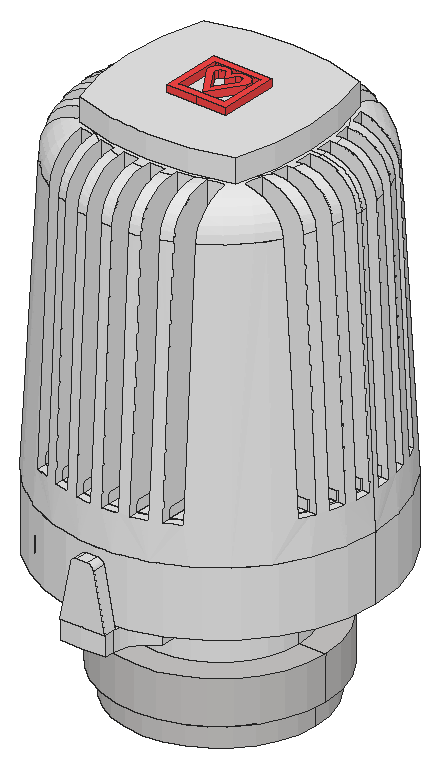
Revit family "HERZ-Classic-Thermostatic Sensor M28x1.5 7230", category Rohrzubehör, Revit 2021
Family settings
  Bemaßung runder Anschluss = Durchmesser verwenden
  Teiletyp = Normal
  OmniClass-Nummer = 23.65.55.14
  OmniClass-Titel = Valves for Liquid Services
  Arbeitsebenenbasiert = Nein
  Immer vertikal = Nein
  Beim Laden mit Abzugskörper schneiden = Nein
  Gemeinsam genutzt = Nein
Parameters
  Vorgabe-Ansicht = 0.000 mm
  Part number = 1723006  # constant formula
  Operation = "The HERZ-thermostat serves as probe and control element.\r\nThe valve spindle is moved when the volume of the liquid fillng of the HERZ-hydrosensor changes."
  Model = "Radiator Thermostat With Hydrosensor (liquid filled)\r\nWith \"0\" position, adjustable frost protection, limitation and locking of set value range.\r\nWhite hand wheel."
  Frost protection = "6°C"  # constant formula
  W02 = 120.00°  # constant formula
  W01 = 135.00°  # constant formula
  URL = "www.herzvalves.com"
  Set value range = "0 - 28°C"  # constant formula
  S02 = 60.000 mm  # constant formula
  S01 = H02 + H07  # 76.000 mm
  R07 = 6.000 mm  # constant formula
  R06 = 24.000 mm  # constant formula
  R05 = 16.350 mm  # constant formula
  R04 = 14.750 mm  # constant formula
  R03 = 13.200 mm  # constant formula
  R02 = 12.200 mm  # constant formula
  R01 = 22.400 mm  # constant formula
  Hersteller = "HERZ Armaturen Ges.m.b.H."  # constant formula
  Hand wheel = "plastic, white"  # constant formula
  H09 = 3.500 mm  # constant formula
  H08 = 10.000 mm  # constant formula
  H07 = 59.000 mm  # constant formula
  H06 = 3.000 mm  # constant formula
  H05 = 10.500 mm  # constant formula
  H03 = 5.500 mm  # constant formula
  H02 = 17.000 mm  # constant formula
  H01 = 34.000 mm  # constant formula
  Application = "Can be combined with any HERZ-valve suitable for thermostatic operation."
Reference planes
  plane 1 "Mitte (Vorne/hinten)": y = 0
  plane 2: z = 0
  plane 3 "Mitte (Links/rechts)": x = 0
Forms (mm)
  Revolve 1, solid, material "Kunststoff weiß", detail levels fine
    sketch origin (0, 0, 0) x (1, 0, 0) y (0, 0, 1)
      loop
        line (0, 0) -> (13.2, 0) -> (13.2, 4.5) -> (12.2, 5.5) -> (12.2, 17) -> (22.4, 17) -> (22.4, 34) -> (0, 34) -> (0, 0)
      axis (0, 34) -> (0, 0)
    angle from 0 to 360
  Revolve 2, solid, material "Messing verzinkt", detail levels fine
    sketch origin (0, 0, 0) x (1, 0, 0) y (0, 0, 1)
      loop
        line (0, 5.5) -> (13.2, 5.5) -> (13.2, -3.063) -> (14.75, -3.063) -> (14.75, -0.063) -> (16.35, 0.861) -> (16.35, 7.437) -> (0, 7.437) -> (0, 5.5)
      axis (0, 7.437) -> (0, -3.063)
    angle from 0 to 360
  Revolve 3, solid, material "Kunststoff weiß", detail levels fine
    sketch origin (0, 0, 0) x (1, 0, 0) y (0, 0, 1)
      loop
        line (0, 17) -> (24, 17) -> (24, 27) -> (21.791, 70.306)
        arc (21.791, 70.306) -> (19.931, 74.349) -> (15.798, 76) r 6
        line (15.798, 76) -> (0, 76) -> (0, 17)
      axis (0, 76) -> (0, 17)
    angle from 0 to 360
  Extrusion 4, void
    sketch origin (0, 0, 0) x (1, 0, 0) y (0, 1, 0)
      loop
        line (24.458, 0.8) -> (24.458, 3.2) -> (14.361, 3.2)
        arc (14.361, 3.2) -> (14.446, 2.001) -> (14.491, 0.8) r 37
        line (14.491, 0.8) -> (24.458, 0.8)
      loop
        line (24.458, 4.8) -> (24.458, 7.2) -> (13.793, 7.2)
        arc (13.793, 7.2) -> (14.01, 6.003) -> (14.187, 4.8) r 37
        line (14.187, 4.8) -> (24.458, 4.8)
      loop
        line (24.458, 8.8) -> (24.458, 11.2) -> (12.764, 11.2)
        arc (12.764, 11.2) -> (13.121, 10.006) -> (13.438, 8.8) r 37
        line (13.438, 8.8) -> (24.458, 8.8)
      loop
        line (24.458, -0.8) -> (14.491, -0.8)
        arc (14.491, -0.8) -> (14.446, -2.001) -> (14.361, -3.2) r 37
        line (14.361, -3.2) -> (24.458, -3.2) -> (24.458, -0.8)
      loop
        line (24.458, -4.8) -> (14.187, -4.8)
        arc (14.187, -4.8) -> (14.01, -6.003) -> (13.793, -7.2) r 37
        line (13.793, -7.2) -> (24.458, -7.2) -> (24.458, -4.8)
      loop
        line (24.458, -8.8) -> (13.438, -8.8)
        arc (13.438, -8.8) -> (13.121, -10.006) -> (12.764, -11.2) r 37
        line (12.764, -11.2) -> (24.458, -11.2) -> (24.458, -8.8)
      loop
        line (-24.458, 0.8) -> (-14.491, 0.8)
        arc (-14.491, 0.8) -> (-14.446, 2.001) -> (-14.361, 3.2) r 37
        line (-14.361, 3.2) -> (-24.458, 3.2) -> (-24.458, 0.8)
      loop
        line (-24.458, 4.8) -> (-14.187, 4.8)
        arc (-14.187, 4.8) -> (-14.01, 6.003) -> (-13.793, 7.2) r 37
        line (-13.793, 7.2) -> (-24.458, 7.2) -> (-24.458, 4.8)
      loop
        line (-24.458, 8.8) -> (-13.438, 8.8)
        arc (-13.438, 8.8) -> (-13.121, 10.006) -> (-12.764, 11.2) r 37
        line (-12.764, 11.2) -> (-24.458, 11.2) -> (-24.458, 8.8)
      loop
        line (-24.458, -0.8) -> (-24.458, -3.2) -> (-14.361, -3.2)
        arc (-14.361, -3.2) -> (-14.446, -2.001) -> (-14.491, -0.8) r 37
        line (-14.491, -0.8) -> (-24.458, -0.8)
      loop
        line (-24.458, -4.8) -> (-24.458, -7.2) -> (-13.793, -7.2)
        arc (-13.793, -7.2) -> (-14.01, -6.003) -> (-14.187, -4.8) r 37
        line (-14.187, -4.8) -> (-24.458, -4.8)
      loop
        line (-24.458, -8.8) -> (-24.458, -11.2) -> (-12.764, -11.2)
        arc (-12.764, -11.2) -> (-13.121, -10.006) -> (-13.438, -8.8) r 37
        line (-13.438, -8.8) -> (-24.458, -8.8)
      loop
        line (0.8, 24.458) -> (0.8, 14.491)
        arc (0.8, 14.491) -> (2.001, 14.446) -> (3.2, 14.361) r 37
        line (3.2, 14.361) -> (3.2, 24.458) -> (0.8, 24.458)
      loop
        line (4.8, 24.458) -> (4.8, 14.187)
        arc (4.8, 14.187) -> (6.003, 14.01) -> (7.2, 13.793) r 37
        line (7.2, 13.793) -> (7.2, 24.458) -> (4.8, 24.458)
      loop
        line (8.8, 24.458) -> (8.8, 13.438)
        arc (8.8, 13.438) -> (10.006, 13.121) -> (11.2, 12.764) r 37
        line (11.2, 12.764) -> (11.2, 24.458) -> (8.8, 24.458)
      loop
        line (-0.8, 24.458) -> (-3.2, 24.458) -> (-3.2, 14.361)
        arc (-3.2, 14.361) -> (-2.001, 14.446) -> (-0.8, 14.491) r 37
        line (-0.8, 14.491) -> (-0.8, 24.458)
      loop
        line (-4.8, 24.458) -> (-7.2, 24.458) -> (-7.2, 13.793)
        arc (-7.2, 13.793) -> (-6.003, 14.01) -> (-4.8, 14.187) r 37
        line (-4.8, 14.187) -> (-4.8, 24.458)
      loop
        line (-8.8, 24.458) -> (-11.2, 24.458) -> (-11.2, 12.764)
        arc (-11.2, 12.764) -> (-10.006, 13.121) -> (-8.8, 13.438) r 37
        line (-8.8, 13.438) -> (-8.8, 24.458)
      loop
        line (0.8, -24.458) -> (3.2, -24.458) -> (3.2, -14.361)
        arc (3.2, -14.361) -> (2.001, -14.446) -> (0.8, -14.491) r 37
        line (0.8, -14.491) -> (0.8, -24.458)
      loop
        line (4.8, -24.458) -> (7.2, -24.458) -> (7.2, -13.793)
        arc (7.2, -13.793) -> (6.003, -14.01) -> (4.8, -14.187) r 37
        line (4.8, -14.187) -> (4.8, -24.458)
      loop
        line (8.8, -24.458) -> (11.2, -24.458) -> (11.2, -12.764)
        arc (11.2, -12.764) -> (10.006, -13.121) -> (8.8, -13.438) r 37
        line (8.8, -13.438) -> (8.8, -24.458)
      loop
        line (-0.8, -24.458) -> (-0.8, -14.491)
        arc (-0.8, -14.491) -> (-2.001, -14.446) -> (-3.2, -14.361) r 37
        line (-3.2, -14.361) -> (-3.2, -24.458) -> (-0.8, -24.458)
      loop
        line (-4.8, -24.458) -> (-4.8, -14.187)
        arc (-4.8, -14.187) -> (-6.003, -14.01) -> (-7.2, -13.793) r 37
        line (-7.2, -13.793) -> (-7.2, -24.458) -> (-4.8, -24.458)
      loop
        line (-8.8, -24.458) -> (-8.8, -13.438)
        arc (-8.8, -13.438) -> (-10.006, -13.121) -> (-11.2, -12.764) r 37
        line (-11.2, -12.764) -> (-11.2, -24.458) -> (-8.8, -24.458)
    from 32.5 to 78
  Extrusion 5, solid, material "Kunststoff weiß", detail levels fine
    sketch origin (0, 0, 0) x (1, 0, 0) y (0, 1, 0)
      loop
        arc (12, 12) -> (0, 14) -> (-12, 12) r 37
        arc (-12, 12) -> (-14, 0) -> (-12, -12) r 37
        arc (-12, -12) -> (0, -14) -> (12, -12) r 37
        arc (12, -12) -> (14, 0) -> (12, 12) r 37
    from 76 to 79.5
  Extrusion 6, solid, material "Kunststoff weiß", detail levels fine
    sketch origin (0.017, -0.017, 0) x (0, -1, 0) y (1, 0, 0)
      loop
        line (14.714, 6.983) -> (14.714, -7.017) -> (19.645, -7.017)
        arc (19.645, -7.017) -> (21.761, -4.508) -> (24.882, -3.488) r 6
        line (24.882, -3.488) -> (26.272, -3.488)
        arc (26.272, -3.488) -> (26.5, 0) -> (26.267, 3.488) r 26.5
        line (26.267, 3.488) -> (24.882, 3.488)
        arc (24.882, 3.488) -> (21.777, 4.497) -> (19.66, 6.983) r 6
        line (19.66, 6.983) -> (14.714, 6.983)
    from 14 to 17
  Extrusion 7, solid, material "Kunststoff weiß", detail levels fine
    sketch origin (0.017, -0.017, 0) x (1, 0, 0) y (0, 0, 1)
      loop
        arc (-0.8, 26.1) -> (-1.432, 25.875) -> (-1.779, 25.302) r 1
        line (-1.779, 25.302) -> (-3.488, 17) -> (3.488, 17) -> (1.779, 25.302)
        arc (1.779, 25.302) -> (1.432, 25.875) -> (0.8, 26.1) r 1
        line (0.8, 26.1) -> (-0.8, 26.1)
    from 26.5 to 24.5
Cuts and joins
  Extrusion 4 cuts Revolve 1
  Extrusion 4 cuts Revolve 3
Lines and regions (mm)
  model lines, detail levels coarse+medium
    curve 1: line (0, 0, 0) -> (0, 0, 16)
    curve 2: line (0, 0, 0) -> (0, 16, 0)
    curve 3: circle (0, 0, 46) r 30 normal (0, -1, 0)
    curve 4: circle (0, 0, 46) r 30 normal (1, 0, 0)
    curve 5: line (0, 0, 26) -> (0, 0, 66)
    curve 6: line (0, 17.5, 66) -> (0, -17.5, 66)
    curve 7: line (0, 0, 26) -> (0, 0, 66)
    curve 8: line (-17.5, 0, 66) -> (17.5, 0, 66)
    curve 9: circle (0, 46, 0) r 30 normal (0, 0, 1)
    curve 10: line (0, 26, 0) -> (0, 66, 0)
    curve 11: line (-17.5, 66, 0) -> (17.5, 66, 0)
Dimensions and locks
  "H01": Revolve 1 sketch curve to Revolve 1 sketch curve
  "H02": Revolve 1 sketch curve to Revolve 1 sketch curve
  "H03": Revolve 1 sketch curve to Revolve 1 sketch curve
  "R01": Revolve 1 sketch curve to Revolve 1 sketch curve
  "R02": Revolve 1 sketch curve to Revolve 1 sketch curve
  "R03": Revolve 1 sketch curve to Revolve 1 sketch curve
  "H05": Revolve 2 sketch curve to Revolve 2 sketch curve
  "H06": Revolve 2 sketch curve to Revolve 2 sketch curve
  "H03": Revolve 2 sketch curve to plane 2
  "R04": Revolve 2 sketch curve to plane 3 "Mitte (Links/rechts)"
  "R03": plane 3 "Mitte (Links/rechts)" to Revolve 2 sketch curve
  "R05": Revolve 2 sketch curve to plane 3 "Mitte (Links/rechts)"
  "H08": Revolve 3 sketch curve to Revolve 3 sketch curve
  "R06": Revolve 3 sketch curve to Revolve 3 sketch curve
  "H02": Revolve 3 sketch curve to plane 2
  "H07": Revolve 3 sketch curve to Revolve 3 sketch curve
  "S01": curve 4 to plane 2
  "S01": curve 3 to plane 2
  "S01": plane 1 "Mitte (Vorne/hinten)" to curve 9
  "R07": radius of Revolve 3 sketch curve
  "S02": diameter of curve 3
  "S02": diameter of curve 4
  "S02": diameter of curve 9
  "W01": angle Revolve 1 sketch curve to Revolve 1 sketch curve
  "W02": angle Revolve 2 sketch curve to Revolve 2 sketch curve
  aligned and locked: level to plane 2
Automatic sketch dimensions
  plane 1 "Mitte (Vorne/hinten)" to Extrusion 5 sketch curve = 0.000 mm  (x2)
  Extrusion 5 sketch curve to plane 3 "Mitte (Links/rechts)" = 0.000 mm  (x2)
  Extrusion 5 sketch curve to plane 3 "Mitte (Links/rechts)" = 23.000 mm
  plane 3 "Mitte (Links/rechts)" to Extrusion 5 sketch curve = 23.000 mm
  plane 1 "Mitte (Vorne/hinten)" to Extrusion 5 sketch curve = 23.000 mm
  Extrusion 5 sketch curve to plane 1 "Mitte (Vorne/hinten)" = 23.000 mm
  Extrusion 5 sketch curve to plane 3 "Mitte (Links/rechts)" = 12.000 mm  (x2)
  plane 3 "Mitte (Links/rechts)" to Extrusion 5 sketch curve = 12.000 mm
  plane 1 "Mitte (Vorne/hinten)" to Extrusion 5 sketch curve = 12.000 mm
  Extrusion 4 sketch curve to Extrusion 4 sketch curve = 0.000 mm  (x58)
  plane 1 "Mitte (Vorne/hinten)" to Extrusion 4 sketch curve = 0.000 mm  (x2)
  Extrusion 4 sketch curve to plane 3 "Mitte (Links/rechts)" = 0.000 mm  (x2)
  Extrusion 4 sketch curve to plane 3 "Mitte (Links/rechts)" = 0.800 mm  (x2)
  Extrusion 4 sketch curve to Extrusion 4 sketch curve = 2.400 mm  (x12)
  Extrusion 4 sketch curve to Extrusion 4 sketch curve = 1.600 mm  (x16)
  Extrusion 4 sketch curve to Extrusion 4 sketch curve = 1.564 mm  (x8)
  Extrusion 4 sketch curve to Extrusion 4 sketch curve = 0.674 mm  (x5)
  Extrusion 4 sketch curve to Extrusion 4 sketch curve = 0.354 mm  (x8)
  Extrusion 4 sketch curve to Extrusion 4 sketch curve = 0.395 mm  (x4)
  Extrusion 4 sketch curve to Extrusion 4 sketch curve = 0.174 mm  (x8)
  plane 1 "Mitte (Vorne/hinten)" to Extrusion 4 sketch curve = 0.800 mm  (x2)
  Extrusion 4 sketch curve to Extrusion 4 sketch curve = 0.130 mm  (x2)
  Extrusion 4 sketch curve to plane 1 "Mitte (Vorne/hinten)" = 0.800 mm  (x2)
  Extrusion 4 sketch curve to Extrusion 4 sketch curve = 8.009 mm  (x3)
  Extrusion 4 sketch curve to Extrusion 4 sketch curve = 1.958 mm  (x7)
  plane 3 "Mitte (Links/rechts)" to Extrusion 4 sketch curve = 0.800 mm  (x2)
  Extrusion 4 sketch curve to Extrusion 4 sketch curve = 11.019 mm
  Extrusion 6 sketch curve to plane 3 "Mitte (Links/rechts)" = 0.000 mm
  plane 1 "Mitte (Vorne/hinten)" to Extrusion 6 sketch curve = 0.017 mm
  Extrusion 6 sketch curve to plane 3 "Mitte (Links/rechts)" = 7.000 mm
  plane 1 "Mitte (Vorne/hinten)" to Extrusion 6 sketch curve = 14.731 mm
  Extrusion 6 sketch curve to Extrusion 6 sketch curve = 4.930 mm
  Extrusion 6 sketch curve to Extrusion 6 sketch curve = 4.946 mm
  Extrusion 6 sketch curve to plane 3 "Mitte (Links/rechts)" = 3.471 mm
  Extrusion 6 sketch curve to Extrusion 6 sketch curve = 5.237 mm
  Extrusion 6 sketch curve to Extrusion 6 sketch curve = 5.222 mm
  Extrusion 6 sketch curve to Extrusion 6 sketch curve = 5.470 mm
  Extrusion 6 sketch curve to Extrusion 6 sketch curve = 0.233 mm
  Extrusion 6 sketch curve to Extrusion 6 sketch curve = 1.390 mm
  plane 3 "Mitte (Links/rechts)" to Extrusion 6 sketch curve = 3.505 mm
  Extrusion 6 sketch curve to Extrusion 6 sketch curve = 3.495 mm
  Extrusion 6 sketch curve to Extrusion 6 sketch curve = 0.000 mm
  Extrusion 7 sketch curve to plane 3 "Mitte (Links/rechts)" = 3.471 mm
  Extrusion 7 sketch curve to plane 3 "Mitte (Links/rechts)" = 1.763 mm
  Extrusion 7 sketch curve to plane 3 "Mitte (Links/rechts)" = 0.783 mm
  plane 3 "Mitte (Links/rechts)" to Extrusion 7 sketch curve = 0.817 mm
  Extrusion 7 sketch curve to Extrusion 7 sketch curve = 0.979 mm
  plane 3 "Mitte (Links/rechts)" to Extrusion 7 sketch curve = 3.505 mm
  level to Extrusion 7 sketch curve = 17.000 mm
  Extrusion 7 sketch curve to Extrusion 7 sketch curve = 8.100 mm
  Extrusion 7 sketch curve to Extrusion 7 sketch curve = 0.000 mm
  Extrusion 7 sketch curve to Extrusion 7 sketch curve = 0.202 mm
  curve 5 to plane 1 "Mitte (Vorne/hinten)" = 0.000 mm
  curve 4 to plane 1 "Mitte (Vorne/hinten)" = 0.000 mm
  plane 1 "Mitte (Vorne/hinten)" to curve 6 = 17.500 mm
  curve 5 to curve 6 = 17.500 mm
  curve 5 to curve 4 = 20.000 mm
  curve 4 to curve 6 = 20.000 mm
  curve 3 to plane 3 "Mitte (Links/rechts)" = 0.000 mm
  curve 7 to plane 3 "Mitte (Links/rechts)" = 0.000 mm
  curve 1 to plane 3 "Mitte (Links/rechts)" = 0.000 mm
  curve 1 to level = 0.000 mm
  curve 8 to plane 3 "Mitte (Links/rechts)" = 17.500 mm
  curve 7 to curve 8 = 17.500 mm
  curve 1 to curve 7 = 10.000 mm
  curve 3 to curve 8 = 20.000 mm
  curve 9 to plane 3 "Mitte (Links/rechts)" = 0.000 mm
  curve 10 to plane 3 "Mitte (Links/rechts)" = 0.000 mm
  curve 2 to plane 3 "Mitte (Links/rechts)" = 0.000 mm
  plane 1 "Mitte (Vorne/hinten)" to curve 2 = 0.000 mm
  curve 11 to curve 10 = 17.500 mm
  plane 3 "Mitte (Links/rechts)" to curve 11 = 17.500 mm
  curve 2 to curve 10 = 10.000 mm
  curve 9 to curve 11 = 20.000 mm
  Revolve 1 sketch curve to level = 0.000 mm
  Revolve 1 sketch curve to plane 3 "Mitte (Links/rechts)" = 0.000 mm  (x2)
  Revolve 1 sketch curve to level = 366.045 mm
  Revolve 1 sketch curve to Revolve 1 sketch curve = 2180.315 mm
  Revolve 2 sketch curve to plane 3 "Mitte (Links/rechts)" = 0.000 mm  (x2)
  level to Revolve 2 sketch curve = 0.861 mm
  Revolve 2 sketch curve to Revolve 2 sketch curve = 362.982 mm
  Revolve 2 sketch curve to Revolve 2 sketch curve = 2206.878 mm
  Revolve 3 sketch curve to plane 3 "Mitte (Links/rechts)" = 0.000 mm  (x2)
  plane 3 "Mitte (Links/rechts)" to Revolve 3 sketch curve = 15.798 mm
  Revolve 3 sketch curve to Revolve 3 sketch curve = 5.992 mm
  Revolve 3 sketch curve to level = 366.045 mm
  Revolve 3 sketch curve to Revolve 3 sketch curve = 2138.315 mm
Nested families
  nested 1: "Herz-Logo" at (0, 0, 79), type "Herz-Logo", detail levels fine
Definition of nested family "Herz-Logo"
  Parameters (values of type "Herz-Logo")
    Default Elevation = 0.000 mm
  Reference planes
    plane 1 "Mitte (Vorne/hinten)": y = 0
    plane 2: z = 0
    plane 3 "Mitte (Links/rechts)": x = 0
  Forms (mm)
    Extrusion 1, solid
      sketch origin (0, 0, 0) x (1, 0, 0) y (0, 1, 0)
        loop
          line (-0.018, -4.517) -> (4.482, -4.517) -> (4.482, 4.483) -> (-4.518, 4.483) -> (-4.518, -4.517) -> (-0.018, -4.517)
        loop
          line (-0.05, -3.48) -> (3.482, -3.48) -> (3.482, 3.483) -> (-3.518, 3.483) -> (-3.518, -3.48) -> (-0.05, -3.48)
        loop
          arc (-0.018, 2.383) -> (-1.543, 3.287) -> (-3.067, 2.383) r 1.738
          arc (-3.067, 2.383) -> (-3.191, 1.899) -> (-3.067, 1.415) r 1.009
          line (-3.067, 1.415) -> (-0.018, -3.281) -> (3.032, 1.415)
          arc (3.032, 1.415) -> (3.156, 1.899) -> (3.032, 2.383) r 1.009
          arc (3.032, 2.383) -> (1.507, 3.287) -> (-0.018, 2.383) r 1.738
        loop
          arc (1.885, 1.272) -> (2.005, 1.675) -> (1.885, 2.079) r 0.74
          arc (1.885, 2.079) -> (1.265, 2.416) -> (0.644, 2.079) r 0.74
          line (0.644, 2.079) -> (-0.018, 0.97) -> (-0.679, 2.079)
          arc (-0.679, 2.079) -> (-1.3, 2.416) -> (-1.921, 2.079) r 0.74
          arc (-1.921, 2.079) -> (-2.04, 1.675) -> (-1.921, 1.272) r 0.74
          line (-1.921, 1.272) -> (-0.018, -1.658) -> (1.885, 1.272)
      from 0 to 1.5
  Dimensions and locks
    aligned and locked: level to plane 2
